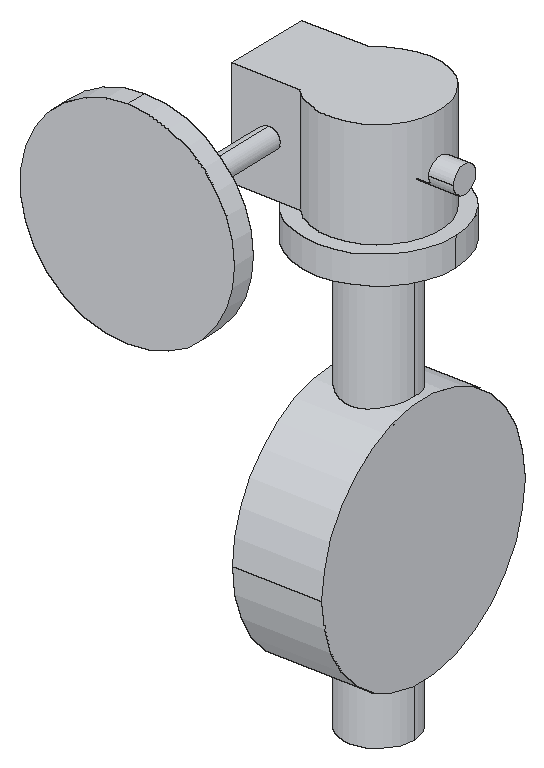
Revit family "HS497-67_disk-litina-převodové kolo DN100-RFA_2019", category Pipe Accessories, Revit 2019
Family settings
  Round Connector Dimension = Use Diameter
  Part Type = Valve - Breaks Into
  Work Plane-Based = No
  Always vertical = Yes
  Cut with Voids When Loaded = No
  Shared = No
Parameters (values of type "HS 497-67_DN100_PN16_převodové kolo")
  magiProductId = "11e91b807e674d428c8e796fcdcfe2"
  magiProductFamilyId = "53cea81e6f374d17b8841d9c72ad77"
  magiPartTypeId = 305
  isMeasuringValve [instance] = no
  ang2D [instance] = 0.00°
  X11 = 61.456 mm
  X1 = 25.456 mm
  W2D = 1000 mm
  VersionID = "2.0/2017.9.26.1/ZETKAMA_497_001"
  Use Minimum Symbol Size [instance] = yes
  URL = "http://www.hydronic.cz"
  Type Comments = "mezipřírubová; litinový disk; PN16; -10~+110°C (krátkodobě +120°C)"
  SW30 = yes
  SW3 = yes
  SW21 = no
  SW20 = no
  SW2 = no
  SW1 = no
  R = 50 mm
  QmdConnectorList = "301;D;302;D"
  Productdata [instance] = ""
  NC = 50 mm
  Model = ""
  Manufacturer = "Hydronic Systems Prague s.r.o."
  MM20 = 25.456 mm
  MC Product Code = "125 100 (litinový disk, s převodovým kolem; DN100; PN16, kvs512)"
  M41 = 65.25 mm
  M4 = 43.5 mm
  LHL = 220 mm
  LHH3 = 2.45 mm
  LHH1 = 46.55 mm
  LH1 = 73.333 mm
  L4R__ve = -L4R  # -12.8 mm
  L4R = 12.8 mm
  L42__ve = -L42  # -96 mm
  L42 = 96 mm
  L41__ve = -L41  # -19.2 mm
  L41 = 19.2 mm
  L2D_Min = 3048 mm
  L2D = 216 mm
  L2 = 26 mm
  L1 = 41.6 mm
  L = 52 mm
  H = 30 mm
  G22 = 11.25 mm
  G2 = 22.5 mm
  G1 = 90 mm
  G = 90 mm
  F = 11 mm
  E44 = 31.25 mm
  E42 = 62.5 mm
  E4 = 125 mm
  E23 = 4.9 mm
  E22 = 19.6 mm
  E21 = 9.8 mm
  Description = "Mezipřírubová uzavírací klapka s převodovým kolem; litinový disk, DN100; PN16; kvs512"
  DR2 = 50 mm
  DR = 147 mm
  DD1 = 15.625 mm
  DD = 12.5 mm
  D = 100 mm
  CAT0 = yes
  B2__ve = -B2  # -56 mm
  B2 = 56 mm
  A2 = 16.5 mm
  A1 = 98.5 mm
Types (43, lengths in mm): name | magiProductId | X11 | X1 | Type Comments | SW30 | SW3 | SW20 | SW2 | SW1 | R | NC | MM20 | MC Product Code | M41 | M4 | LHL | LHH3 | LHH1 | LH1 | L4R__ve | L4R | L42__ve | L42 | L41__ve | L41 | L2 | L1 | L | H | G | F | E44 | E42 | E4 | E23 | E22 | E21 | Description | DR2 | DR | DD1 | DD | D | B2__ve | B2 | A2 | A1
  HS 497-67_DN100_PN16_volné vřeteno | "65d1b245f4f142c78569c0602d5754" | 61.456 | 25.456 | "mezipřírubová; litinový disk; PN16; -10~+110°C (krátkodobě +120°C)" | no | no | no | no | yes | 50 | 50 | 25.456 | "123 100 (litinový disk, s volným vřetenem; DN100; PN16, kvs512)" | 66 | 44 | 220 | 2.45 | 46.55 | 73.333 | -12.8 | 12.8 | -96 | 96 | -19.2 | 19.2 | 26 | 41.6 | 52 | 30 | 90 | 11 | 31.25 | 62.5 | 125 | 4.9 | 19.6 | 9.8 | "Mezipřírubová uzavírací klapka s volným vřetenem; litinový disk, DN100; PN16; kvs512" | 50 | 147 | 15.625 | 12.5 | 100 | -56 | 56 | 16.5 | 98.5
  HS 497-67_DN100_PN16_převodové kolo | "11e91b807e674d428c8e796fcdcfe2" | 61.456 | 25.456 | "mezipřírubová; litinový disk; PN16; -10~+110°C (krátkodobě +120°C)" | yes | yes | no | no | no | 50 | 50 | 25.456 | "125 100 (litinový disk, s převodovým kolem; DN100; PN16, kvs512)" | 65.25 | 43.5 | 220 | 2.45 | 46.55 | 73.333 | -12.8 | 12.8 | -96 | 96 | -19.2 | 19.2 | 26 | 41.6 | 52 | 30 | 90 | 11 | 31.25 | 62.5 | 125 | 4.9 | 19.6 | 9.8 | "Mezipřírubová uzavírací klapka s převodovým kolem; litinový disk, DN100; PN16; kvs512" | 50 | 147 | 15.625 | 12.5 | 100 | -56 | 56 | 16.5 | 98.5
  HS 497-67_DN100_PN16_s pákou | "28172f0b3f4b47b28323ac71cf8749" | 61.456 | 25.456 | "mezipřírubová; litinový disk; PN16; -10~+110°C (krátkodobě +120°C)" | no | no | yes | yes | no | 50 | 50 | 25.456 | "120 100 (litinový disk, s pákou; DN100; PN16, kvs512)" | 66 | 44 | 260 | 3 | 57 | 86.667 | -12.8 | 12.8 | -96 | 96 | -19.2 | 19.2 | 26 | 41.6 | 52 | 30 | 90 | 11 | 31.25 | 62.5 | 125 | 6 | 24 | 12 | "Mezipřírubová uzavírací klapka s pákou; litinový disk, DN100; PN16; kvs512" | 50 | 147 | 15.625 | 12.5 | 100 | -56 | 56 | 16.5 | 98.5
  HS 497-67_DN125_PN16_volné vřeteno | "0d813d910fc14f628bb3c2efbd185c" | 61.456 | 25.456 | "mezipřírubová; litinový disk; PN16; -10~+110°C (krátkodobě +120°C)" | no | no | no | no | yes | 62.5 | 50 | 25.456 | "123 125 (litinový disk, s volným vřetenem; DN125; PN16, kvs872)" | 66 | 44 | 220 | 2.45 | 46.55 | 73.333 | -12.8 | 12.8 | -96 | 96 | -19.2 | 19.2 | 28 | 44.8 | 56 | 33 | 90 | 14 | 31.25 | 62.5 | 125 | 4.9 | 19.6 | 9.8 | "Mezipřírubová uzavírací klapka s volným vřetenem; litinový disk, DN125; PN16; kvs872" | 62.5 | 180 | 15.625 | 12.5 | 125 | -64 | 64 | 18 | 99.5
  HS 497-67_DN125_PN16_převodové kolo | "c56b7c13f372467684996fb1e0e229" | 61.456 | 25.456 | "mezipřírubová; litinový disk; PN16; -10~+110°C (krátkodobě +120°C)" | yes | yes | no | no | no | 62.5 | 50 | 25.456 | "125 125 (litinový disk, s převodovým kolem; DN125; PN16, kvs872)" | 65.25 | 43.5 | 220 | 2.45 | 46.55 | 73.333 | -13.5 | 13.5 | -101.25 | 101.25 | -20.25 | 20.25 | 28 | 44.8 | 56 | 33 | 90 | 14 | 40 | 80 | 160 | 4.9 | 19.6 | 9.8 | "Mezipřírubová uzavírací klapka s převodovým kolem; litinový disk, DN125; PN16; kvs872" | 62.5 | 180 | 20 | 16 | 125 | -64 | 64 | 18 | 99.5
  HS 497-67_DN125_PN16_s pákou | "105993c79a91492399feef7931321a" | 61.456 | 25.456 | "mezipřírubová; litinový disk; PN16; -10~+110°C (krátkodobě +120°C)" | no | no | yes | yes | no | 62.5 | 50 | 25.456 | "120 125 (litinový disk, s pákou; DN125; PN16, kvs872)" | 66 | 44 | 315 | 3.75 | 71.25 | 105 | -12.8 | 12.8 | -96 | 96 | -19.2 | 19.2 | 28 | 44.8 | 56 | 33 | 90 | 14 | 31.25 | 62.5 | 125 | 7.5 | 30 | 15 | "Mezipřírubová uzavírací klapka s pákou; litinový disk, DN125; PN16; kvs872" | 62.5 | 180 | 15.625 | 12.5 | 125 | -64 | 64 | 18 | 99.5
  HS 497-67_DN150_PN16_volné vřeteno | "50c80cb8ab434f55ab7796e5ac1331" | 61.456 | 25.456 | "mezipřírubová; litinový disk; PN16; -10~+110°C (krátkodobě +120°C)" | no | no | no | no | yes | 75 | 50 | 25.456 | "123 150 (litinový disk, s volným vřetenem; DN150; PN16, kvs1347)" | 66 | 44 | 220 | 2.45 | 46.55 | 73.333 | -12.8 | 12.8 | -96 | 96 | -19.2 | 19.2 | 28 | 44.8 | 56 | 33 | 90 | 14 | 31.25 | 62.5 | 125 | 4.9 | 19.6 | 9.8 | "Mezipřírubová uzavírací klapka s volným vřetenem; litinový disk, DN150; PN16; kvs1347" | 75 | 206 | 15.625 | 12.5 | 150 | -58 | 58 | 19.3 | 98.7
  HS 497-67_DN150_PN16_převodové kolo | "d94a1a0cf83b476eb10011b327f709" | 61.456 | 25.456 | "mezipřírubová; litinový disk; PN16; -10~+110°C (krátkodobě +120°C)" | yes | yes | no | no | no | 75 | 50 | 25.456 | "125 150 (litinový disk, s převodovým kolem; DN150; PN16, kvs1347)" | 65.25 | 43.5 | 220 | 2.45 | 46.55 | 73.333 | -13.5 | 13.5 | -101.25 | 101.25 | -20.25 | 20.25 | 28 | 44.8 | 56 | 33 | 90 | 14 | 40 | 80 | 160 | 4.9 | 19.6 | 9.8 | "Mezipřírubová uzavírací klapka s převodovým kolem; litinový disk, DN150; PN16; kvs1347" | 75 | 206 | 20 | 16 | 150 | -58 | 58 | 19.3 | 98.7
  HS 497-67_DN150_PN16_s pákou | "4d2835523fe84828bc50ff0a5a0dfb" | 61.456 | 25.456 | "mezipřírubová; litinový disk; PN16; -10~+110°C (krátkodobě +120°C)" | no | no | yes | yes | no | 75 | 50 | 25.456 | "120 150 (litinový disk, s pákou; DN150; PN16, kvs1347)" | 66 | 44 | 315 | 3.75 | 71.25 | 105 | -12.8 | 12.8 | -96 | 96 | -19.2 | 19.2 | 28 | 44.8 | 56 | 33 | 90 | 14 | 31.25 | 62.5 | 125 | 7.5 | 30 | 15 | "Mezipřírubová uzavírací klapka s pákou; litinový disk, DN150; PN16; kvs1347" | 75 | 206 | 15.625 | 12.5 | 150 | -58 | 58 | 19.3 | 98.7
  HS 497-67_DN200_PN16_volné vřeteno | "5b29029eaeba47139ee1055a4b9201" | 61.456 | 25.456 | "mezipřírubová; litinový disk; PN16; -10~+110°C (krátkodobě +120°C)" | no | no | no | no | yes | 100 | 50 | 25.456 | "123 200 (litinový disk, s volným vřetenem; DN200; PN16, kvs2675)" | 66 | 44 | 220 | 2.45 | 46.55 | 73.333 | -12.8 | 12.8 | -96 | 96 | -19.2 | 19.2 | 30 | 48 | 60 | 33 | 90 | 17 | 31.25 | 62.5 | 125 | 4.9 | 19.6 | 9.8 | "Mezipřírubová uzavírací klapka s volným vřetenem; litinový disk, DN200; PN16; kvs2675" | 100 | 257 | 15.625 | 12.5 | 200 | -70 | 70 | 22.5 | 102.5
  HS 497-67_DN200_PN16_převodové kolo | "b2793cc1fcc44cf2a35062cd67c04f" | 61.456 | 25.456 | "mezipřírubová; litinový disk; PN16; -10~+110°C (krátkodobě +120°C)" | yes | yes | no | no | no | 100 | 57 | 25.456 | "125 200 (litinový disk, s převodovým kolem; DN200; PN16, kvs2675)" | 78.75 | 52.5 | 220 | 2.45 | 46.55 | 73.333 | -15.2 | 15.2 | -114 | 114 | -22.8 | 22.8 | 30 | 48 | 60 | 33 | 90 | 17 | 50 | 100 | 200 | 4.9 | 19.6 | 9.8 | "Mezipřírubová uzavírací klapka s převodovým kolem; litinový disk, DN200; PN16; kvs2675" | 100 | 257 | 25 | 20 | 200 | -70 | 70 | 22.5 | 102.5
  HS 497-67_DN200_PN16_s pákou | "f88d96c7af224537a51e72d7d8fffe" | 61.456 | 25.456 | "mezipřírubová; litinový disk; PN16; -10~+110°C (krátkodobě +120°C)" | no | no | yes | yes | no | 100 | 50 | 25.456 | "120 200 (litinový disk, s pákou; DN200; PN16, kvs2675)" | 66 | 44 | 315 | 3.75 | 71.25 | 105 | -12.8 | 12.8 | -96 | 96 | -19.2 | 19.2 | 30 | 48 | 60 | 33 | 90 | 17 | 31.25 | 62.5 | 125 | 7.5 | 30 | 15 | "Mezipřírubová uzavírací klapka s pákou; litinový disk, DN200; PN16; kvs2675" | 100 | 257 | 15.625 | 12.5 | 200 | -70 | 70 | 22.5 | 102.5
  HS 497-67_DN250_PN16_volné vřeteno | "b662e8305ca2402b9c510e66e6aa55" | 88.77 | 36.77 | "mezipřírubová; litinový disk; PN16; -10~+110°C (krátkodobě +120°C)" | no | no | no | no | yes | 125 | 50 | 36.77 | "123 250 (litinový disk, s volným vřetenem; DN250; PN16, kvs4555)" | 66 | 44 | 220 | 2.45 | 46.55 | 73.333 | -12.8 | 12.8 | -96 | 96 | -19.2 | 19.2 | 34 | 54.4 | 68 | 23 | 130 | 22 | 31.25 | 62.5 | 125 | 4.9 | 19.6 | 9.8 | "Mezipřírubová uzavírací klapka s volným vřetenem; litinový disk, DN250; PN16; kvs4555" | 125 | 324 | 15.625 | 12.5 | 250 | -85 | 85 | 28.25 | 129.25
  HS 497-67_DN250_PN16_převodové kolo | "5ee9016806664ddfaa2632711f295c" | 88.77 | 36.77 | "mezipřírubová; litinový disk; PN16; -10~+110°C (krátkodobě +120°C)" | yes | yes | no | no | no | 125 | 70 | 36.77 | "125 250 (litinový disk, s převodovým kolem; DN250; PN16, kvs4555)" | 91.5 | 61 | 220 | 2.45 | 46.55 | 73.333 | -22.2 | 22.2 | -166.5 | 166.5 | -33.3 | 33.3 | 34 | 54.4 | 68 | 23 | 130 | 22 | 62.5 | 125 | 250 | 4.9 | 19.6 | 9.8 | "Mezipřírubová uzavírací klapka s převodovým kolem; litinový disk, DN250; PN16; kvs4555" | 125 | 324 | 31.25 | 25 | 250 | -85 | 85 | 28.25 | 129.25
  HS 497-67_DN300_PN16_volné vřeteno | "e1886f51ff004380a649519258edf2" | 88.77 | 36.77 | "mezipřírubová; litinový disk; PN16; -10~+110°C (krátkodobě +120°C)" | no | no | no | no | yes | 150 | 50 | 36.77 | "123 300 (litinový disk, s volným vřetenem; DN300; PN16, kvs7037)" | 66 | 44 | 220 | 2.45 | 46.55 | 73.333 | -12.8 | 12.8 | -96 | 96 | -19.2 | 19.2 | 39 | 62.4 | 78 | 23 | 130 | 22 | 31.25 | 62.5 | 125 | 4.9 | 19.6 | 9.8 | "Mezipřírubová uzavírací klapka s volným vřetenem; litinový disk, DN300; PN16; kvs7037" | 150 | 376 | 15.625 | 12.5 | 300 | -90 | 90 | 30.8 | 127.2
  HS 497-67_DN300_PN16_převodové kolo | "6860f094f77d42088fbebc3c97f755" | 88.77 | 36.77 | "mezipřírubová; litinový disk; PN16; -10~+110°C (krátkodobě +120°C)" | yes | yes | no | no | no | 150 | 70 | 36.77 | "125 300 (litinový disk, s převodovým kolem; DN300; PN16, kvs7037)" | 91.5 | 61 | 220 | 2.45 | 46.55 | 73.333 | -22.2 | 22.2 | -166.5 | 166.5 | -33.3 | 33.3 | 39 | 62.4 | 78 | 23 | 130 | 22 | 62.5 | 125 | 250 | 4.9 | 19.6 | 9.8 | "Mezipřírubová uzavírací klapka s převodovým kolem; litinový disk, DN300; PN16; kvs7037" | 150 | 376 | 31.25 | 25 | 300 | -90 | 90 | 30.8 | 127.2
  HS 497-67_DN032_PN16_volné vřeteno | "8c5f65de52aa4067a77564107e31b2" | 61.456 | 25.456 | "mezipřírubová; litinový disk; PN16; -10~+110°C (krátkodobě +120°C)" | no | no | no | no | yes | 16 | 50 | 25.456 | "123 032 (litinový disk, s volným vřetenem; DN32; PN16, kvs78)" | 66 | 44 | 220 | 2.45 | 46.55 | 73.333 | -12.8 | 12.8 | -96 | 96 | -19.2 | 19.2 | 16.5 | 26.4 | 33 | 30 | 90 | 11 | 31.25 | 62.5 | 125 | 4.9 | 19.6 | 9.8 | "Mezipřírubová uzavírací klapka s volným vřetenem; litinový disk, DN32; PN16; kvs78" | 16 | 68 | 15.625 | 12.5 | 32 | -44.2 | 44.2 | 10.25 | 76.25
  HS 497-67_DN032_PN16_převodové kolo | "60aaeffa8b3a4e809ef000e4660060" | 61.456 | 25.456 | "mezipřírubová; litinový disk; PN16; -10~+110°C (krátkodobě +120°C)" | yes | yes | no | no | no | 16 | 50 | 25.456 | "125 032 (litinový disk, s převodovým kolem; DN32; PN16, kvs78)" | 65.25 | 43.5 | 220 | 2.45 | 46.55 | 73.333 | -12.8 | 12.8 | -96 | 96 | -19.2 | 19.2 | 16.5 | 26.4 | 33 | 30 | 90 | 11 | 31.25 | 62.5 | 125 | 4.9 | 19.6 | 9.8 | "Mezipřírubová uzavírací klapka s převodovým kolem; litinový disk, DN32; PN16; kvs78" | 16 | 68 | 15.625 | 12.5 | 32 | -44.2 | 44.2 | 10.25 | 76.25
  HS 497-67_DN032_PN16_s pákou | "9ad8088d610749a1b871aa2aad8007" | 61.456 | 25.456 | "mezipřírubová; litinový disk; PN16; -10~+110°C (krátkodobě +120°C)" | no | no | yes | yes | no | 16 | 50 | 25.456 | "120 032 (litinový disk, s pákou; DN32; PN16, kvs78)" | 66 | 44 | 220 | 2.45 | 46.55 | 73.333 | -12.8 | 12.8 | -96 | 96 | -19.2 | 19.2 | 16.5 | 26.4 | 33 | 30 | 90 | 11 | 31.25 | 62.5 | 125 | 4.9 | 19.6 | 9.8 | "Mezipřírubová uzavírací klapka s pákou; litinový disk, DN32; PN16; kvs78" | 16 | 68 | 15.625 | 12.5 | 32 | -44.2 | 44.2 | 10.25 | 76.25
  HS 497-67_DN350_PN10_volné vřeteno | "72a1e05f22944421b7e9596a877137" | 109.255 | 45.255 | "mezipřírubová; litinový disk; PN10; -10~+110°C (krátkodobě +120°C)" | no | no | no | no | yes | 175 | 50 | 45.255 | "123 350 (litinový disk, s volným vřetenem; DN350; PN10, kvs10165)" | 66 | 44 | 220 | 2.45 | 46.55 | 73.333 | -12.8 | 12.8 | -96 | 96 | -19.2 | 19.2 | 39 | 62.4 | 78 | 31 | 160 | 22 | 31.25 | 62.5 | 125 | 4.9 | 19.6 | 9.8 | "Mezipřírubová uzavírací klapka s volným vřetenem; litinový disk, DN350; PN10; kvs10165" | 175 | 430 | 15.625 | 12.5 | 350 | -88 | 88 | 33.85 | 129.65
  HS 497-67_DN350_PN10_převodové kolo | "a5a01426cb28494ba3afca92f1dace" | 109.255 | 45.255 | "mezipřírubová; litinový disk; PN10; -10~+110°C (krátkodobě +120°C)" | yes | yes | no | no | no | 175 | 70 | 45.255 | "125 350 (litinový disk, s převodovým kolem; DN350; PN10, kvs10165)" | 91.5 | 61 | 220 | 2.45 | 46.55 | 73.333 | -22.2 | 22.2 | -166.5 | 166.5 | -33.3 | 33.3 | 39 | 62.4 | 78 | 31 | 160 | 22 | 62.5 | 125 | 250 | 4.9 | 19.6 | 9.8 | "Mezipřírubová uzavírací klapka s převodovým kolem; litinový disk, DN350; PN10; kvs10165" | 175 | 430 | 31.25 | 25 | 350 | -88 | 88 | 33.85 | 129.65
  HS 497-67_DN400_PN10_volné vřeteno | "c70ebeb927c04ab99b176e257ad0a7" | 109.255 | 45.255 | "mezipřírubová; litinový disk; PN10; -10~+110°C (krátkodobě +120°C)" | no | no | no | no | yes | 200 | 50 | 45.255 | "123 400 (litinový disk, s volným vřetenem; DN400; PN10, kvs13799)" | 66 | 44 | 220 | 2.45 | 46.55 | 73.333 | -12.8 | 12.8 | -96 | 96 | -19.2 | 19.2 | 51 | 81.6 | 102 | 31 | 160 | 27 | 31.25 | 62.5 | 125 | 4.9 | 19.6 | 9.8 | "Mezipřírubová uzavírací klapka s volným vřetenem; litinový disk, DN400; PN10; kvs13799" | 200 | 485 | 15.625 | 12.5 | 400 | -108 | 108 | 38 | 142
  HS 497-67_DN400_PN10_převodové kolo | "cc64a4384dcb41b780d81810f4f293" | 109.255 | 45.255 | "mezipřírubová; litinový disk; PN10; -10~+110°C (krátkodobě +120°C)" | yes | yes | no | no | no | 200 | 72.5 | 45.255 | "125 400 (litinový disk, s převodovým kolem; DN400; PN10, kvs13799)" | 103.5 | 69 | 220 | 2.45 | 46.55 | 73.333 | -27.8 | 27.8 | -208.5 | 208.5 | -41.7 | 41.7 | 51 | 81.6 | 102 | 31 | 160 | 27 | 75 | 150 | 300 | 4.9 | 19.6 | 9.8 | "Mezipřírubová uzavírací klapka s převodovým kolem; litinový disk, DN400; PN10; kvs13799" | 200 | 485 | 37.5 | 30 | 400 | -108 | 108 | 38 | 142
  HS 497-67_DN040_PN16_volné vřeteno | "35f92312390745e88df5b5c325d9ee" | 61.456 | 25.456 | "mezipřírubová; litinový disk; PN16; -10~+110°C (krátkodobě +120°C)" | no | no | no | no | yes | 20 | 50 | 25.456 | "123 040 (litinový disk, s volným vřetenem; DN40; PN16, kvs78)" | 66 | 44 | 220 | 2.45 | 46.55 | 73.333 | -12.8 | 12.8 | -96 | 96 | -19.2 | 19.2 | 16.5 | 26.4 | 33 | 30 | 90 | 11 | 31.25 | 62.5 | 125 | 4.9 | 19.6 | 9.8 | "Mezipřírubová uzavírací klapka s volným vřetenem; litinový disk, DN40; PN16; kvs78" | 20 | 76 | 15.625 | 12.5 | 40 | -36 | 36 | 11 | 79
  HS 497-67_DN040_PN16_převodové kolo | "d88e968eae3445bc9b7b4e6ff35127" | 61.456 | 25.456 | "mezipřírubová; litinový disk; PN16; -10~+110°C (krátkodobě +120°C)" | yes | yes | no | no | no | 20 | 50 | 25.456 | "125 040 (litinový disk, s převodovým kolem; DN40; PN16, kvs78)" | 65.25 | 43.5 | 220 | 2.45 | 46.55 | 73.333 | -12.8 | 12.8 | -96 | 96 | -19.2 | 19.2 | 16.5 | 26.4 | 33 | 30 | 90 | 11 | 31.25 | 62.5 | 125 | 4.9 | 19.6 | 9.8 | "Mezipřírubová uzavírací klapka s převodovým kolem; litinový disk, DN40; PN16; kvs78" | 20 | 76 | 15.625 | 12.5 | 40 | -36 | 36 | 11 | 79
  HS 497-67_DN040_PN16_s pákou | "c1b522ca65b4407a98818f232eaacb" | 61.456 | 25.456 | "mezipřírubová; litinový disk; PN16; -10~+110°C (krátkodobě +120°C)" | no | no | yes | yes | no | 20 | 50 | 25.456 | "120 040 (litinový disk, s pákou; DN40; PN16, kvs78)" | 66 | 44 | 220 | 2.45 | 46.55 | 73.333 | -12.8 | 12.8 | -96 | 96 | -19.2 | 19.2 | 16.5 | 26.4 | 33 | 30 | 90 | 11 | 31.25 | 62.5 | 125 | 4.9 | 19.6 | 9.8 | "Mezipřírubová uzavírací klapka s pákou; litinový disk, DN40; PN16; kvs78" | 20 | 76 | 15.625 | 12.5 | 40 | -36 | 36 | 11 | 79
  HS 497-67_DN450_PN10_volné vřeteno | "a8358bc282f14872b3194e530e590a" | 129.74 | 53.74 | "mezipřírubová; litinový disk; PN10; -10~+110°C (krátkodobě +120°C)" | no | no | no | no | yes | 225 | 50 | 53.74 | "123 450 (litinový disk, s volným vřetenem; DN450; PN10, kvs18514)" | 66 | 44 | 220 | 2.45 | 46.55 | 73.333 | -12.8 | 12.8 | -96 | 96 | -19.2 | 19.2 | 57 | 91.2 | 114 | 38 | 190 | 36 | 31.25 | 62.5 | 125 | 4.9 | 19.6 | 9.8 | "Mezipřírubová uzavírací klapka s volným vřetenem; litinový disk, DN450; PN10; kvs18514" | 225 | 536 | 15.625 | 12.5 | 450 | -115 | 115 | 38.05 | 117.45
  HS 497-67_DN450_PN10_převodové kolo | "cdf2d80f54a9414f9cbe50647c0ebd" | 129.74 | 53.74 | "mezipřírubová; litinový disk; PN10; -10~+110°C (krátkodobě +120°C)" | yes | yes | no | no | no | 225 | 91.5 | 53.74 | "125 450 (litinový disk, s převodovým kolem; DN450; PN10, kvs18514)" | 144.75 | 96.5 | 220 | 2.45 | 46.55 | 73.333 | -32.1 | 32.1 | -240.75 | 240.75 | -48.15 | 48.15 | 57 | 91.2 | 114 | 38 | 190 | 36 | 100 | 200 | 400 | 4.9 | 19.6 | 9.8 | "Mezipřírubová uzavírací klapka s převodovým kolem; litinový disk, DN450; PN10; kvs18514" | 225 | 536 | 50 | 40 | 450 | -115 | 115 | 38.05 | 117.45
  HS 497-67_DN500_PN10_volné vřeteno | "8c396e27bb2743f98f3c762b6517cd" | 143.397 | 59.397 | "mezipřírubová; litinový disk; PN10; -10~+110°C (krátkodobě +120°C)" | no | no | no | no | yes | 250 | 50 | 59.397 | "123 500 (litinový disk, s volným vřetenem; DN500; PN10, kvs23805)" | 66 | 44 | 220 | 2.45 | 46.55 | 73.333 | -12.8 | 12.8 | -96 | 96 | -19.2 | 19.2 | 63.5 | 101.6 | 127 | 38 | 210 | 36 | 31.25 | 62.5 | 125 | 4.9 | 19.6 | 9.8 | "Mezipřírubová uzavírací klapka s volným vřetenem; litinový disk, DN500; PN10; kvs23805" | 250 | 593 | 15.625 | 12.5 | 500 | -130 | 130 | 43.25 | 139.25
  HS 497-67_DN500_PN10_převodové kolo | "7647804f32e94cef828a7034a91a46" | 143.397 | 59.397 | "mezipřírubová; litinový disk; PN10; -10~+110°C (krátkodobě +120°C)" | yes | yes | no | no | no | 250 | 91.5 | 59.397 | "125 500 (litinový disk, s převodovým kolem; DN500; PN10, kvs23805)" | 144.75 | 96.5 | 220 | 2.45 | 46.55 | 73.333 | -32.1 | 32.1 | -240.75 | 240.75 | -48.15 | 48.15 | 63.5 | 101.6 | 127 | 38 | 210 | 36 | 100 | 200 | 400 | 4.9 | 19.6 | 9.8 | "Mezipřírubová uzavírací klapka s převodovým kolem; litinový disk, DN500; PN10; kvs23805" | 250 | 593 | 50 | 40 | 500 | -130 | 130 | 43.25 | 139.25
  HS 497-67_DN050_volné vřeteno | "d71f296ecd6d4adf8f6e5d9853b4e0" | 61.456 | 25.456 | "mezipřírubová; litinový disk; PN16; -10~+110°C (krátkodobě +120°C)" | no | no | no | no | yes | 25 | 50 | 25.456 | "123 050 (litinový disk, s volným vřetenem; DN50; PN16, kvs98)" | 66 | 44 | 220 | 2.45 | 46.55 | 73.333 | -12.8 | 12.8 | -96 | 96 | -19.2 | 19.2 | 21.5 | 34.4 | 43 | 30 | 90 | 11 | 31.25 | 62.5 | 125 | 4.9 | 19.6 | 9.8 | "Mezipřírubová uzavírací klapka s volným vřetenem; litinový disk, DN50; PN16; kvs98" | 25 | 100 | 15.625 | 12.5 | 50 | -36.5 | 36.5 | 12 | 83
  HS 497-67_DN050_PN16_převodové kolo | "2fb080deeaed49c58418b94c1da5a4" | 61.456 | 25.456 | "mezipřírubová; litinový disk; PN16; -10~+110°C (krátkodobě +120°C)" | yes | yes | no | no | no | 25 | 50 | 25.456 | "125 050 (litinový disk, s převodovým kolem; DN50; PN16, kvs98)" | 65.25 | 43.5 | 220 | 2.45 | 46.55 | 73.333 | -12.8 | 12.8 | -96 | 96 | -19.2 | 19.2 | 21.5 | 34.4 | 43 | 30 | 90 | 11 | 31.25 | 62.5 | 125 | 4.9 | 19.6 | 9.8 | "Mezipřírubová uzavírací klapka s převodovým kolem; litinový disk, DN50; PN16; kvs98" | 25 | 100 | 15.625 | 12.5 | 50 | -36.5 | 36.5 | 12 | 83
  HS 497-67_DN050_PN16_s pákou | "dabc632061f94877a994b9b4e68112" | 61.456 | 25.456 | "mezipřírubová; litinový disk; PN16; -10~+110°C (krátkodobě +120°C)" | no | no | yes | yes | no | 25 | 50 | 25.456 | "120 050 (litinový disk, s pákou; DN50; PN16, kvs98)" | 66 | 44 | 220 | 2.45 | 46.55 | 73.333 | -12.8 | 12.8 | -96 | 96 | -19.2 | 19.2 | 21.5 | 34.4 | 43 | 30 | 90 | 11 | 31.25 | 62.5 | 125 | 4.9 | 19.6 | 9.8 | "Mezipřírubová uzavírací klapka s pákou; litinový disk, DN50; PN16; kvs98" | 25 | 100 | 15.625 | 12.5 | 50 | -36.5 | 36.5 | 12 | 83
  HS 497-67_DN600_PN10_volné vřeteno | "99d5892c14664fce81a7c5903f7711" | 143.397 | 59.397 | "mezipřírubová; litinový disk; PN10; -10~+110°C (krátkodobě +120°C)" | no | no | no | no | yes | 300 | 50 | 59.397 | "123 600 (litinový disk, s volným vřetenem; DN600; PN10, kvs36778)" | 66 | 44 | 220 | 2.45 | 46.55 | 73.333 | -12.8 | 12.8 | -96 | 96 | -19.2 | 19.2 | 77 | 123.2 | 154 | 80 | 210 | 60 | 31.25 | 62.5 | 125 | 4.9 | 19.6 | 9.8 | "Mezipřírubová uzavírací klapka s volným vřetenem; litinový disk, DN600; PN10; kvs36788" | 300 | 690 | 15.625 | 12.5 | 600 | -140 | 140 | 49.4 | 144.6
  HS 497-67_DN600_PN10_převodové kolo | "b1e26faab48a4c499f6bb11e7e3002" | 143.397 | 59.397 | "mezipřírubová; litinový disk; PN10; -10~+110°C (krátkodobě +120°C)" | yes | yes | no | no | no | 300 | 140 | 59.397 | "125 600 (litinový disk, s převodovým kolem; DN600; PN10, kvs36778)" | 206.25 | 137.5 | 220 | 2.45 | 46.55 | 73.333 | -40.8 | 40.8 | -306 | 306 | -61.2 | 61.2 | 77 | 123.2 | 154 | 80 | 210 | 60 | 125 | 250 | 500 | 4.9 | 19.6 | 9.8 | "Mezipřírubová uzavírací klapka s převodovým kolem; litinový disk, DN600; PN10; kvs36788" | 300 | 690 | 62.5 | 50 | 600 | -140 | 140 | 49.4 | 144.6
  HS 497-67_DN065_PN16_volné vřeteno | "5e5e208646e34ec29f889baab5d08e" | 61.456 | 25.456 | "mezipřírubová; litinový disk; PN16; -10~+110°C (krátkodobě +120°C)" | no | no | no | no | yes | 32.5 | 50 | 25.456 | "123 065 (litinový disk, s volným vřetenem; DN65; PN16, kvs167)" | 66 | 44 | 220 | 2.45 | 46.55 | 73.333 | -12.8 | 12.8 | -96 | 96 | -19.2 | 19.2 | 23 | 36.8 | 46 | 30 | 90 | 11 | 31.25 | 62.5 | 125 | 4.9 | 19.6 | 9.8 | "Mezipřírubová uzavírací klapka s volným vřetenem; litinový disk, DN65; PN16; kv167" | 32.5 | 108 | 15.625 | 12.5 | 65 | -36.5 | 36.5 | 13.5 | 89
  HS 497-67_DN065_PN16_převodové kolo | "654d74c8d15540b0bfe523d988ccb3" | 61.456 | 25.456 | "mezipřírubová; litinový disk; PN16; -10~+110°C (krátkodobě +120°C)" | yes | yes | no | no | no | 32.5 | 50 | 25.456 | "125 065 (litinový disk, s převodovým kolem; DN65; PN16, kvs167)" | 65.25 | 43.5 | 220 | 2.45 | 46.55 | 73.333 | -12.8 | 12.8 | -96 | 96 | -19.2 | 19.2 | 23 | 36.8 | 46 | 30 | 90 | 11 | 31.25 | 62.5 | 125 | 4.9 | 19.6 | 9.8 | "Mezipřírubová uzavírací klapka s převodovým kolem; litinový disk, DN65; PN16; kvs167" | 32.5 | 108 | 15.625 | 12.5 | 65 | -36.5 | 36.5 | 13.5 | 89
  HS 497-67_DN065_PN16_s pákou | "ebeb4b59db0641caaf6d6635ab37b9" | 61.456 | 25.456 | "mezipřírubová; litinový disk; PN16; -10~+110°C (krátkodobě +120°C)" | no | no | yes | yes | no | 32.5 | 50 | 25.456 | "120 065 (litinový disk, s pákou; DN65; PN16, kvs167)" | 66 | 44 | 220 | 2.45 | 46.55 | 73.333 | -12.8 | 12.8 | -96 | 96 | -19.2 | 19.2 | 23 | 36.8 | 46 | 30 | 90 | 11 | 31.25 | 62.5 | 125 | 4.9 | 19.6 | 9.8 | "Mezipřírubová uzavírací klapka s pákou; litinový disk, DN65; PN16; kvs167" | 32.5 | 108 | 15.625 | 12.5 | 65 | -36.5 | 36.5 | 13.5 | 89
  HS 497-67_DN080_PN16_volné vřeteno | "9e85c75c18654e1185a9c48ed6b00e" | 61.456 | 25.456 | "mezipřírubová; litinový disk; PN16; -10~+110°C (krátkodobě +120°C)" | no | no | no | no | yes | 40 | 50 | 25.456 | "123 080 (litinový disk, s volným vřetenem; DN80; PN16, kvs258)" | 66 | 44 | 220 | 2.45 | 46.55 | 73.333 | -12.8 | 12.8 | -96 | 96 | -19.2 | 19.2 | 23 | 36.8 | 46 | 30 | 90 | 11 | 31.25 | 62.5 | 125 | 4.9 | 19.6 | 9.8 | "Mezipřírubová uzavírací klapka s volným vřetenem; litinový disk, DN80; PN16; kvs258" | 40 | 124 | 15.625 | 12.5 | 80 | -54 | 54 | 14.1 | 86.9
  HS 497-67_DN080_PN16_převodové kolo | "5b3c8238c3d041e68c75b199e7ea46" | 61.456 | 25.456 | "mezipřírubová; litinový disk; PN16; -10~+110°C (krátkodobě +120°C)" | yes | yes | no | no | no | 40 | 50 | 25.456 | "125 080 (litinový disk, s převodovým kolem; DN80; PN16, kvs258)" | 65.25 | 43.5 | 220 | 2.45 | 46.55 | 73.333 | -12.8 | 12.8 | -96 | 96 | -19.2 | 19.2 | 23 | 36.8 | 46 | 30 | 90 | 11 | 31.25 | 62.5 | 125 | 4.9 | 19.6 | 9.8 | "Mezipřírubová uzavírací klapka s převodovým kolem; litinový disk, DN80; PN16; kvs258" | 40 | 124 | 15.625 | 12.5 | 80 | -54 | 54 | 14.1 | 86.9
  HS 497-67_DN080_PN16_s pákou | "e414795fab0f4eccb99bc3572c5477" | 61.456 | 25.456 | "mezipřírubová; litinový disk; PN16; -10~+110°C (krátkodobě +120°C)" | no | no | yes | yes | no | 40 | 50 | 25.456 | "120 080 (litinový disk, s pákou; DN80; PN16, kvs258)" | 66 | 44 | 260 | 3 | 57 | 86.667 | -12.8 | 12.8 | -96 | 96 | -19.2 | 19.2 | 23 | 36.8 | 46 | 30 | 90 | 11 | 31.25 | 62.5 | 125 | 6 | 24 | 12 | "Mezipřírubová uzavírací klapka s pákou; litinový disk, DN80; PN16; kvs258" | 40 | 124 | 15.625 | 12.5 | 80 | -54 | 54 | 14.1 | 86.9
  HS 497-67_DN250_PN16_s pákou | "" | 88.77 | 36.77 | "mezipřírubová; litinový disk; PN16; -10~+110°C (krátkodobě +120°C)" | no | no | yes | yes | no | 125 | 70 | 36.77 | "120 250 (litinový disk, s pákou; DN250; PN16, kvs4555)" | 91.5 | 61 | 220 | 2.45 | 46.55 | 73.333 | -22.2 | 22.2 | -166.5 | 166.5 | -33.3 | 33.3 | 34 | 54.4 | 68 | 23 | 130 | 22 | 62.5 | 125 | 250 | 4.9 | 19.6 | 9.8 | "Mezipřírubová uzavírací klapka s pákou; litinový disk, DN250; PN16; kvs4555" | 125 | 324 | 31.25 | 25 | 250 | -85 | 85 | 28.25 | 129.25
  HS 497-67_DN300_PN16_s pákou | "" | 88.77 | 36.77 | "mezipřírubová; litinový disk; PN16; -10~+110°C (krátkodobě +120°C)" | no | no | yes | yes | no | 150 | 70 | 36.77 | "120 300 (litinový disk, s pákou; DN300; PN16, kvs7037)" | 91.5 | 61 | 220 | 2.45 | 46.55 | 73.333 | -22.2 | 22.2 | -166.5 | 166.5 | -33.3 | 33.3 | 39 | 62.4 | 78 | 23 | 130 | 22 | 62.5 | 125 | 250 | 4.9 | 19.6 | 9.8 | "Mezipřírubová uzavírací klapka s pákou; litinový disk, DN300; PN16; kvs7037" | 150 | 376 | 31.25 | 25 | 300 | -90 | 90 | 30.8 | 127.2
Reference planes
  plane 1 "Center (Front/Back)": y = 0
  plane 2 "XYPLANE": z = 0
  plane 3 "Center (Left/Right)": x = 0
  plane 4 "473": x = -25.456
  plane 5 "472": x = -65.25
  plane 6 "471": y = -25.456
  plane 7 "470": y = 25.456
  plane 8 "469": x = -43.5
  plane 9 "468": y = -115.2
  plane 10 "467": y = -96
  plane 11 "466": z = 196.25
  plane 12 "465": z = 211.55
  plane 13 "464": y = 145.417
  plane 14 "463": z = 201.75
  plane 15 "462": z = 184.6
  plane 16 "461": z = 194.4
  plane 17 "460": y = 72.083
  plane 18 "459": x = -11.25
  plane 19 "458": x = 11.25
  plane 20 "457": y = -6.25
  plane 21 "456": x = -17.5
  plane 22 "455": x = 17.5
  plane 23 "454": z = 199.3
  plane 24 "453": y = 62.083
  plane 25 "452": y = -11.25
  plane 26 "451": x = -22.5
  plane 27 "450": x = 22.5
  plane 28 "449": z = 179.7
  plane 29 "448": z = 174.8
  plane 30 "447": z = -50
  plane 31 "446": z = 165
  plane 32 "445": z = 148.5
  plane 33 "444": z = 50
  plane 34 "443": x = 26
  plane 35 "442": x = -26
  plane 36 "441": z = 0
  plane 37 "440": y = 0
  plane 38 "439": x = 0
  plane 39 "438": z = 214
  plane 40 "437": z = 199.3
  plane 41 "436": x = 13.7
  plane 42 "435": x = -13.7
  plane 43 "434": y = 220
Forms (mm)
  Extrusion 1, solid, visible <- "SW3"
    sketch origin (-750, 0, 165) x (1, 0, 0) y (0, 1, 0)
      loop
        line (684.75, 25.456) -> (684.75, -25.456) -> (724.544, -25.456)
        arc (724.544, -25.456) -> (786, 0) -> (724.544, 25.456) r 36
        line (724.544, 25.456) -> (684.75, 25.456)
    from 0 to 62.5 <- "E42"
  Extrusion 2, solid, visible <- "SW30"
    sketch origin (0, -750, 0) x (0, 1, 0) y (0, 0, 1)
      loop
        circle (750, 196.25) r 7.813
    from 0 to 50 <- "NC"
  Extrusion 3, solid, visible <- "SW30"
    sketch origin (750, -115.2, 0) x (-1, 0, 0) y (0, 0, 1)
      loop
        circle (793.5, 196.25) r 62.5
    from 0 to -12.8 <- "L4R__ve"
  Extrusion 4, solid, visible <- "SW3"
    sketch origin (750, -96, 0) x (-1, 0, 0) y (0, 0, 1)
      loop
        circle (793.5, 196.25) r 7.813
    from 0 to -19.2 <- "L41__ve"
  Extrusion 5, solid, visible <- "SW30"
    sketch origin (750, 0, 0) x (-1, 0, 0) y (0, 0, 1)
      loop
        circle (793.5, 196.25) r 6.25
    from 0 to -96 <- "L42__ve"
  Blend 6, solid, visible <- "SW21"
    base sketch origin (750, 72.083, 0) x (-1, 0, 0) y (0, 0, 1)
      loop
        line (761.25, 194.4) -> (738.75, 194.4) -> (738.75, 184.6) -> (761.25, 184.6) -> (761.25, 194.4)
    top sketch origin (750, 72.083, 0) x (-1, 0, 0) y (0, 0, 1)
      loop
        line (761.25, 211.55) -> (738.75, 211.55) -> (738.75, 201.75) -> (761.25, 201.75) -> (761.25, 211.55)
    from 0 to 73.333
  Blend 7, solid, visible <- "SW21"
    base sketch origin (750, 62.083, 0) x (-1, 0, 0) y (0, 0, 1)
      loop
        line (761.25, 199.3) -> (738.75, 199.3) -> (738.75, 179.7) -> (761.25, 179.7) -> (761.25, 199.3)
    top sketch origin (750, 62.083, 0) x (-1, 0, 0) y (0, 0, 1)
      loop
        line (761.25, 194.4) -> (738.75, 194.4) -> (738.75, 184.6) -> (761.25, 184.6) -> (761.25, 194.4)
    from 0 to 10
  Blend 8, solid, visible <- "SW21"
    base sketch origin (-750, 0, 179.7) x (1, 0, 0) y (0, 1, 0)
      loop
        line (772.5, 62.083) -> (727.5, 62.083) -> (727.5, -11.25)
        arc (727.5, -11.25) -> (750, -31.25) -> (772.5, -11.25) r 22.656
        line (772.5, -11.25) -> (772.5, 62.083)
    top sketch origin (-750, 0, 179.7) x (1, 0, 0) y (0, 1, 0)
      loop
        line (767.5, 62.083) -> (732.5, 62.083) -> (732.5, -6.25)
        arc (732.5, -6.25) -> (750, -26.25) -> (767.5, -6.25) r 17.656
        line (767.5, -6.25) -> (767.5, 62.083)
    from 0 to 19.6
  Extrusion 9, solid, visible <- "SW2"
    sketch origin (-750, 0, 174.8) x (1, 0, 0) y (0, 1, 0)
      loop
        circle (750, 0) r 11.25
    from 0 to 4.9 <- "E23"
  Extrusion 10, solid, visible <- "SW2"
    sketch origin (-750, 0, 165) x (1, 0, 0) y (0, 1, 0)
      loop
        circle (750, 0) r 45
    from 0 to 9.8 <- "E21"
  Extrusion 11, solid, visible <- "CAT0"
    sketch origin (-750, 0, -50) x (1, 0, 0) y (0, 1, 0)
      loop
        circle (750, 0) r 20.8
    from 0 to -56 <- "B2__ve"
  Extrusion 12, solid, visible <- "CAT0"
    sketch origin (-750, 0, 148.5) x (1, 0, 0) y (0, 1, 0)
      loop
        circle (750, 0) r 45
    from 0 to 16.5 <- "A2"
  Extrusion 13, solid, visible <- "CAT0"
    sketch origin (-750, 0, 50) x (1, 0, 0) y (0, 1, 0)
      loop
        circle (750, 0) r 20.8
    from 0 to 98.5 <- "A1"
  Extrusion 14, solid, visible <- "CAT0"
    sketch origin (-26, -750, 0) x (0, 1, 0) y (0, 0, 1)
      loop
        circle (750, 0) r 73.5
    from 0 to 52 <- "L"
  Extrusion 15, solid, visible <- "SW1"
    sketch origin (-750, 0, 165) x (1, 0, 0) y (0, 1, 0)
      loop
        line (755.5, 5.5) -> (744.5, 5.5) -> (744.5, -5.5) -> (755.5, -5.5) -> (755.5, 5.5)
    from 0 to 30 <- "H"
  Blend 16, solid, visible <- "SW2"
    base sketch origin (750, 145.417, 0) x (-1, 0, 0) y (0, 0, 1)
      loop
        arc (763.7, 209) -> (762.236, 212.536) -> (758.7, 214) r 5
        line (758.7, 214) -> (741.3, 214)
        arc (741.3, 214) -> (737.764, 212.536) -> (736.3, 209) r 5
        line (736.3, 209) -> (736.3, 204.3)
        arc (736.3, 204.3) -> (737.764, 200.764) -> (741.3, 199.3) r 5
        line (741.3, 199.3) -> (758.7, 199.3)
        arc (758.7, 199.3) -> (762.236, 200.764) -> (763.7, 204.3) r 5
        line (763.7, 204.3) -> (763.7, 209)
    top sketch origin (750, 145.417, 0) x (-1, 0, 0) y (0, 0, 1)
      loop
        arc (763.7, 209) -> (762.236, 212.536) -> (758.7, 214) r 5
        line (758.7, 214) -> (741.3, 214)
        arc (741.3, 214) -> (737.764, 212.536) -> (736.3, 209) r 5
        line (736.3, 209) -> (736.3, 204.3)
        arc (736.3, 204.3) -> (737.764, 200.764) -> (741.3, 199.3) r 5
        line (741.3, 199.3) -> (758.7, 199.3)
        arc (758.7, 199.3) -> (762.236, 200.764) -> (763.7, 204.3) r 5
        line (763.7, 204.3) -> (763.7, 209)
    from 0 to 74.583
  Blend 17, solid, visible <- "SW20"
    base sketch origin (750, 145.417, 0) x (-1, 0, 0) y (0, 0, 1)
      loop
        line (763.7, 214) -> (736.3, 214) -> (736.3, 199.3) -> (763.7, 199.3) -> (763.7, 214)
    top sketch origin (750, 145.417, 0) x (-1, 0, 0) y (0, 0, 1)
      loop
        line (761.25, 199.3) -> (738.75, 199.3) -> (738.75, 179.7) -> (761.25, 179.7) -> (761.25, 199.3)
    from 0 to -83.333
  Extrusion 18, solid, visible <- "SW20"
    sketch origin (-750, 0, 179.7) x (1, 0, 0) y (0, 1, 0)
      loop
        line (772.5, 62.083) -> (727.5, 62.083) -> (727.5, -11.25)
        arc (727.5, -11.25) -> (750, -31.25) -> (772.5, -11.25) r 22.656
        line (772.5, -11.25) -> (772.5, 62.083)
    from 0 to 19.6 <- "E22"
  Extrusion 19, solid, not visible
    sketch origin (-26, -750, 0) x (0, 1, 0) y (0, 0, 1)
      loop
        circle (750, 0) r 10
    from 0 to 10
  Extrusion 20, solid, not visible
    sketch origin (26, -750, 0) x (0, 1, 0) y (0, 0, 1)
      loop
        circle (750, 0) r 10
    from 0 to -10
Lines and regions (mm)
  reference lines, not visible
    curve 1: circle (2, 2, 0) r 1 normal (0, 0, 1)
  reference lines
    curve 2: line (-25.456, -25.456, 165) -> (-25.456, 25.456, 165)
    curve 3: line (-17.5, -6.25, 179.7) -> (17.5, -6.25, 179.7)
    curve 4: line (-22.5, -11.25, 179.7) -> (22.5, -11.25, 179.7)
    curve 5: circle (0, 0, 165) r 1 normal (0, 0, 1)
    curve 6: line (-22.5, -11.25, 179.7) -> (22.5, -11.25, 179.7)
Dimensions and locks
  plane 1 "Center (Front/Back)" to curve 1 = 2 mm
  "X1": plane 3 "Center (Left/Right)" to plane 4 "473"
  "M41": plane 3 "Center (Left/Right)" to plane 5 "472"
  "MM20": plane 1 "Center (Front/Back)" to plane 6 "471"
  "MM20": plane 1 "Center (Front/Back)" to plane 7 "470"
  "M4": plane 3 "Center (Left/Right)" to plane 8 "469"
  "L41": plane 10 "467" to plane 9 "468"
  "L42": plane 1 "Center (Front/Back)" to plane 10 "467"
  "E44": plane 31 "446" to plane 11 "466"
  "LHH1": plane 31 "446" to plane 12 "465"
  "LH1": plane 17 "460" to plane 13 "464"
  "E21": plane 12 "465" to plane 14 "463"
  "E21": plane 16 "461" to plane 15 "462"
  "E23": plane 23 "454" to plane 16 "461"
  locked: plane 24 "453" to plane 17 "460" at 10
  "G22": plane 3 "Center (Left/Right)" to plane 18 "459"
  "G22": plane 3 "Center (Left/Right)" to plane 19 "458"
  locked: plane 25 "452" to plane 20 "457" at 5
  locked: plane 26 "451" to plane 21 "456" at 5
  locked: plane 27 "450" to plane 22 "455" at 5
  "E22": plane 28 "449" to plane 23 "454"
  "LH1": plane 25 "452" to plane 24 "453"
  "G22": plane 1 "Center (Front/Back)" to plane 25 "452"
  "G2": plane 3 "Center (Left/Right)" to plane 26 "451"
  "G2": plane 3 "Center (Left/Right)" to plane 27 "450"
  "E23": plane 29 "448" to plane 28 "449"
  "E21": plane 31 "446" to plane 29 "448"
  "R": plane 2 "XYPLANE" to plane 30 "447"
  "A2": plane 32 "445" to plane 31 "446"
  "A1": plane 33 "444" to plane 32 "445"
  "DR2": plane 2 "XYPLANE" to plane 33 "444"
  "L2": plane 3 "Center (Left/Right)" to plane 34 "443"
  "L2": plane 3 "Center (Left/Right)" to plane 35 "442"
  locked: plane 2 "XYPLANE" to plane 36 "441"
  locked: plane 1 "Center (Front/Back)" to plane 37 "440"
  locked: plane 3 "Center (Left/Right)" to plane 38 "439"
  "LHH3": plane 12 "465" to plane 39 "438"
  "LHH3": plane 14 "463" to plane 40 "437"
  "LHH3": plane 19 "458" to plane 41 "436"
  "LHH3": plane 18 "459" to plane 42 "435"
  "LHL": plane 1 "Center (Front/Back)" to plane 43 "434"
  "X11": curve 2 to Extrusion 1 sketch curve
  Extrusion 1 sketch curve to Extrusion 1 sketch curve = 0 mm  (x8)
  Blend 6 sketch curve to Blend 6 sketch curve = 0 mm  (x16)
  Blend 7 sketch curve to Blend 7 sketch curve = 0 mm  (x16)
  Blend 8 sketch curve to Blend 8 sketch curve = 0 mm  (x16)
  equal spacing: Extrusion 15 sketch curve, curve 5, Extrusion 15 sketch curve  (x2)
  "F": Extrusion 15 sketch curve to Extrusion 15 sketch curve  (x2)
  Blend 16 sketch curve to Blend 16 sketch curve = 0 mm  (x32)
  Blend 17 sketch curve to Blend 17 sketch curve = 0 mm  (x16)
  Extrusion 18 sketch curve to Extrusion 18 sketch curve = 0 mm  (x8)
  "DD1": diameter of Extrusion 2 sketch curve
  "E4": diameter of Extrusion 3 sketch curve
  "DD1": diameter of Extrusion 4 sketch curve
  "DD": diameter of Extrusion 5 sketch curve
  "G2": diameter of Extrusion 9 sketch curve
  "G1": diameter of Extrusion 10 sketch curve
  "L1": diameter of Extrusion 11 sketch curve
  "G": diameter of Extrusion 12 sketch curve
  "L1": diameter of Extrusion 13 sketch curve
  "DR": diameter of Extrusion 14 sketch curve
  radius of Blend 16 sketch curve = 5 mm  (x8)
  aligned and locked: level to plane 2 "XYPLANE"
  aligned and locked: Extrusion 1 sketch curve to plane 5 "472"
  aligned and locked: plane 7 "470" to Extrusion 1 sketch curve
  aligned and locked: plane 6 "471" to Extrusion 1 sketch curve
  aligned and locked: plane 5 "472" to Extrusion 1 sketch curve
  aligned and locked: plane 4 "473" to Extrusion 1 sketch curve  (x2)
  aligned and locked: plane 4 "473" to curve 2
  aligned and locked: plane 6 "471" to curve 2
  aligned and locked: plane 7 "470" to curve 2
  aligned and locked: Extrusion 1 sketch curve to plane 7 "470"
  aligned and locked: plane 11 "466" to Extrusion 2 sketch curve
  aligned and locked: plane 37 "440" to Extrusion 2 sketch curve
  aligned and locked: plane 8 "469" to Extrusion 3 sketch curve
  aligned and locked: plane 11 "466" to Extrusion 3 sketch curve
  aligned and locked: plane 8 "469" to Extrusion 4 sketch curve
  aligned and locked: plane 11 "466" to Extrusion 4 sketch curve
  aligned and locked: plane 8 "469" to Extrusion 5 sketch curve
  aligned and locked: plane 11 "466" to Extrusion 5 sketch curve
  aligned and locked: plane 12 "465" to Blend 6 sketch curve  (x2)
  aligned and locked: plane 18 "459" to Blend 6 sketch curve  (x4)
  aligned and locked: plane 19 "458" to Blend 6 sketch curve  (x4)
  aligned and locked: plane 14 "463" to Blend 6 sketch curve  (x2)
  aligned and locked: plane 16 "461" to Blend 6 sketch curve  (x2)
  aligned and locked: plane 15 "462" to Blend 6 sketch curve  (x2)
  aligned and locked: plane 13 "464" to Blend 6
  aligned and locked: plane 16 "461" to Blend 7 sketch curve  (x2)
  aligned and locked: plane 18 "459" to Blend 7 sketch curve  (x4)
  aligned and locked: plane 19 "458" to Blend 7 sketch curve  (x4)
  aligned and locked: plane 15 "462" to Blend 7 sketch curve  (x2)
  aligned and locked: plane 23 "454" to Blend 7 sketch curve  (x2)
  aligned and locked: plane 28 "449" to Blend 7 sketch curve  (x2)
  aligned and locked: plane 17 "460" to Blend 7
  aligned and locked: plane 24 "453" to Blend 8 sketch curve  (x4)
  aligned and locked: plane 22 "455" to Blend 8 sketch curve  (x2)
  aligned and locked: plane 21 "456" to Blend 8 sketch curve
  aligned and locked: plane 20 "457" to Blend 8 sketch curve  (x2)
  aligned and locked: curve 3 to plane 20 "457"
  aligned and locked: plane 21 "456" to curve 3
  aligned and locked: plane 22 "455" to curve 3
  aligned and locked: plane 27 "450" to Blend 8 sketch curve  (x2)
  aligned and locked: plane 26 "451" to Blend 8 sketch curve
  aligned and locked: plane 25 "452" to Blend 8 sketch curve  (x2)
  aligned and locked: curve 4 to plane 25 "452"
  aligned and locked: plane 26 "451" to curve 4
  aligned and locked: plane 27 "450" to curve 4
  aligned and locked: plane 23 "454" to Blend 8
  aligned and locked: plane 37 "440" to Extrusion 9 sketch curve
  aligned and locked: plane 38 "439" to Extrusion 9 sketch curve
  aligned and locked: plane 37 "440" to Extrusion 10 sketch curve
  aligned and locked: plane 38 "439" to Extrusion 10 sketch curve
  aligned and locked: plane 37 "440" to Extrusion 11 sketch curve
  aligned and locked: plane 38 "439" to Extrusion 11 sketch curve
  aligned and locked: plane 37 "440" to Extrusion 12 sketch curve
  aligned and locked: plane 38 "439" to Extrusion 12 sketch curve
  aligned and locked: plane 37 "440" to Extrusion 13 sketch curve
  aligned and locked: plane 38 "439" to Extrusion 13 sketch curve
  aligned and locked: plane 36 "441" to Extrusion 14 sketch curve
  aligned and locked: Extrusion 14 sketch curve to plane 37 "440"
  aligned and locked: plane 37 "440" to curve 5
  aligned and locked: plane 38 "439" to curve 5
  aligned and locked: plane 39 "438" to Blend 16 sketch curve  (x2)
  aligned and locked: plane 41 "436" to Blend 16 sketch curve  (x2)
  aligned and locked: Blend 16 sketch curve to plane 40 "437"  (x2)
  aligned and locked: Blend 16 sketch curve to plane 42 "435"  (x2)
  aligned and locked: plane 43 "434" to Blend 16
  aligned and locked: plane 23 "454" to Blend 17 sketch curve  (x2)
  aligned and locked: plane 18 "459" to Blend 17 sketch curve  (x2)
  aligned and locked: plane 19 "458" to Blend 17 sketch curve  (x2)
  aligned and locked: plane 28 "449" to Blend 17 sketch curve  (x2)
  aligned and locked: plane 39 "438" to Blend 17 sketch curve  (x2)
  aligned and locked: plane 42 "435" to Blend 17 sketch curve  (x2)
  aligned and locked: plane 41 "436" to Blend 17 sketch curve  (x2)
  aligned and locked: plane 40 "437" to Blend 17 sketch curve  (x2)
  aligned and locked: Blend 17 to plane 24 "453"
  aligned and locked: plane 24 "453" to Extrusion 18 sketch curve  (x2)
  aligned and locked: plane 27 "450" to Extrusion 18 sketch curve  (x2)
  aligned and locked: plane 26 "451" to Extrusion 18 sketch curve
  aligned and locked: plane 25 "452" to Extrusion 18 sketch curve  (x2)
  aligned and locked: curve 6 to plane 25 "452"
  aligned and locked: plane 26 "451" to curve 6
  aligned and locked: plane 27 "450" to curve 6
  aligned and locked: plane 36 "441" to Extrusion 19 sketch curve
  aligned and locked: Extrusion 19 sketch curve to plane 37 "440"
  aligned and locked: plane 36 "441" to Extrusion 20 sketch curve
  aligned and locked: Extrusion 20 sketch curve to plane 37 "440"
Automatic sketch dimensions
  Blend 8 sketch curve to plane 20 "457" = 2.344 mm  (x2)
  Extrusion 18 sketch curve to plane 20 "457" = 2.344 mm
  plane 25 "452" to Extrusion 19 sketch curve = 1.25 mm
  plane 25 "452" to Extrusion 20 sketch curve = 1.25 mm
  plane 3 "Center (Left/Right)" to curve 1 = 2 mm
  Extrusion 15 sketch curve to plane 3 "Center (Left/Right)" = 5.5 mm
  plane 20 "457" to Extrusion 15 sketch curve = 0.75 mm
  radius of curve 5 = 1 mm
  radius of curve 1 = 1 mm
Connectors
  piping at (-26, 0, 0), diameter 100, driven by "D"
    settings: on Extrusion 19, index 1, connector inside diameter 609.6 mm, connector length 0 mm, flow factor 0, pipe flow 0.0 L/s, pressure drop 0.0 Pa, fitting loss kfactor 0, connector angle 0.00°, fixture units 0, engagement length 0 mm, angle of deflection 0.00°, flow configuration 0, flow direction 0, fitting loss method 0, system type 29, joint type 0, gender type 0, connector reference index 2, connector utility 0, adjustable connector no, is connector primary yes, connector description ""
  piping at (26, 0, 0), diameter 100, driven by "D"
    settings: on Extrusion 20, index 2, connector inside diameter 609.6 mm, connector length 0 mm, flow factor 0, pipe flow 0.0 L/s, pressure drop 0.0 Pa, fitting loss kfactor 0, connector angle 0.00°, fixture units 0, engagement length 0 mm, angle of deflection 0.00°, flow configuration 0, flow direction 0, fitting loss method 0, system type 29, joint type 0, gender type 0, connector reference index 1, connector utility 0, adjustable connector no, is connector primary no, connector description ""
